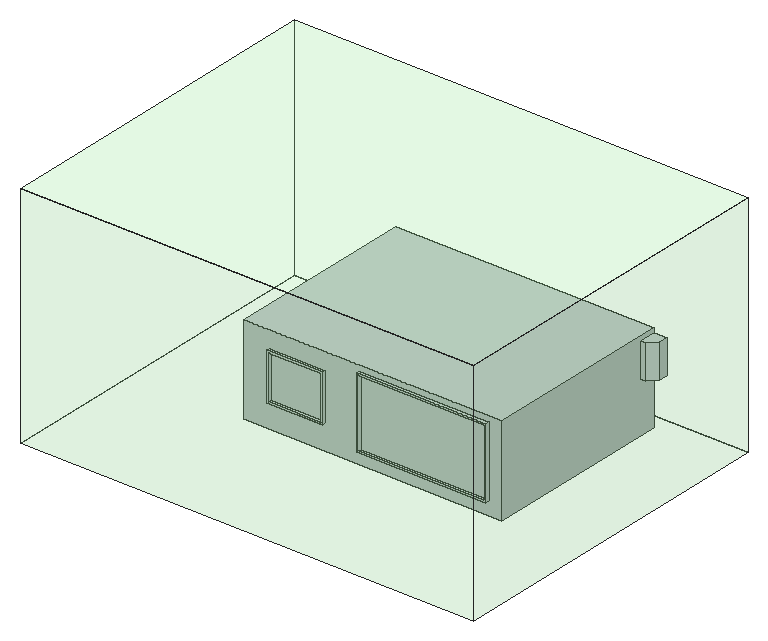
Revit family "BC_Hitachi_RASC-HNpE_LOD200", category Equipement de génie climatique, Revit 2016
Family settings
  Type d'élément = Normal
  Cote de connecteur circulaire = Utiliser le diamètre
  Numéro OmniClass = 23.75.00.00
  Titre OmniClass = Climate Control (HVAC)
  Basée sur le plan de construction = Non
  Toujours verticalement = Oui
  Couper avec des vides une fois chargée = Non
  Partagée = Non
  Point de calcul de pièce = Non
Parameters (values of type "RASC-10HNPE")
  Static Pressure Nominal = 102.0 Pa
  Static Pressure Maximum = 120.0 Pa
  Space between inlet outlet = 245 mm
  Product Code = "7E343111"
  Overall Width = 1850 mm
  Overall Height = 640 mm
  Overall Depth = 1360 mm
  Output Width = 398 mm
  Output Height = 337 mm
  Number of Poles = "3"
  Nominal heating power input = 8.52 kW
  Nominal cooling power input = 9.02 kW
  Nominal Voltage = 400 V
  Nominal Current = 24.7 A
  Modèle = "Outdoor Unit - Centrifugal RASC-HNPE"
  Minimum AC Voltage = 360 V
  Maximum Input Power = 15.43 kW
  Maximum AC Voltage = 440 V
  Mass = 303.00 kg
  Liquid Diameter = 12.7 mm
  Input Width = 925 mm
  Input Height = 509 mm
  Heating Capacity = 26 kW
  Gas Diameter = 25.4 mm
  Frequency = 50 Hz
  Energy Efficiency Ratio (EER) = 2.66
  ESEER = "6.13"
  Distance from left outlet = 188 mm
  Sound pressure level heating (dB(A)) = "57"
  Sound pressure level Night mode cooling (dB(A)) = "52"
  Sound pressure level cooling (dB(A)) = "56"
  Sound power dB(A) = "75"
  Service space [instance] = yes
  Running current heating = 13.7 A
  Running current cooling = 14.5 A
  Refrigerant charge = 6.20 kg
  Refrigerant = "R410A"
  Recommended circuit breaker = 30 A
  Minimum Connected Capacity (%) = "75"
  Maximum Connected Capacity (%) = "120"
  Maximum Air Flow = 115000.0 L/min
  Height liquid pipe = 391 mm
  Height Gas pipe = 504 mm
  Fabricant = "HITACHI"
  Description = "Centrifugal VRF Series RASC-HNPE"
  Cooling Capacity = 24 kW
  Commentaires du type = "RASC-10HNPE"
  Coefficient Of Performance (COP) = 3.05
Types (5, lengths in mm): name | Static Pressure Nominal | Static Pressure Maximum | Space between inlet outlet | Product Code | Overall Width | Overall Height | Overall Depth | Output Width | Output Height | Nominal heating power input | Nominal cooling power input | Nominal Current | Maximum Input Power | Mass | Liquid Diameter | Input Width | Input Height | Heating Capacity | Gas Diameter | Energy Efficiency Ratio (EER) | ESEER | Distance from left outlet | Sound pressure level heating (dB(A)) | Sound pressure level Night mode cooling (dB(A)) | Sound pressure level cooling (dB(A)) | Sound power dB(A) | Running current heating | Running current cooling | Refrigerant charge | Recommended circuit breaker | Maximum Air Flow | Height liquid pipe | Height Gas pipe | Cooling Capacity | Commentaires du type | Coefficient Of Performance (COP)
  RASC-4HNPE | 56.0 Pa | 90.0 Pa | 222 | "7E343107" | 1415 | 575 | 1015 | 334 | 288 | 2.95 kW | 2.99 kW | 14.1 A | 8.76 kW | 192.00 kg | 9.52 | 642 | 444 | 11.2 kW | 15.88 | 3.35 | "6.65" | 123 | "53" | "48" | "52" | "70" | 4.7 A | 4.8 A | 4.10 kg | 20 A | 55000.0 L/min | 319 | 439 | 10 kW | "RASC-4HNPE" | 3.8
  RASC-5HNPE | 72.0 Pa | 100.0 Pa | 222 | "7E343108" | 1415 | 575 | 1015 | 334 | 288 | 4.12 kW | 3.98 kW | 14.1 A | 8.76 kW | 192.00 kg | 9.52 | 642 | 444 | 14 kW | 15.88 | 3.14 | "6.41" | 123 | "53" | "48" | "52" | "71" | 6.6 A | 6.4 A | 4.20 kg | 20 A | 60000.0 L/min | 319 | 439 | 12.5 kW | "RASC-5HNPE" | 3.4
  RASC-6HNPE | 100.0 Pa | 100.0 Pa | 222 | "7E343109" | 1415 | 575 | 1015 | 334 | 288 | 5.74 kW | 5.09 kW | 16 A | 10.01 kW | 192.00 kg | 9.52 | 642 | 444 | 15.5 kW | 15.88 | 2.75 | "6.19" | 123 | "54" | "49" | "53" | "72" | 9.2 A | 8.2 A | 4.20 kg | 20 A | 60000.0 L/min | 319 | 439 | 14 kW | "RASC-6HNPE" | 2.7
  RASC-8HNPE | 84.0 Pa | 120.0 Pa | 245 | "7E343110" | 1850 | 640 | 1360 | 398 | 337 | 7 kW | 7.41 kW | 24.7 A | 15.43 kW | 300.00 kg | 9.52 | 925 | 509 | 22.4 kW | 25.4 | 2.7 | "6.15" | 188 | "56" | "51" | "55" | "74" | 11.2 A | 11.9 A | 5.70 kg | 30 A | 115000.0 L/min | 391 | 504 | 20 kW | "RASC-8HNPE" | 3.2
  RASC-10HNPE | 102.0 Pa | 120.0 Pa | 245 | "7E343111" | 1850 | 640 | 1360 | 398 | 337 | 8.52 kW | 9.02 kW | 24.7 A | 15.43 kW | 303.00 kg | 12.7 | 925 | 509 | 26 kW | 25.4 | 2.66 | "6.13" | 188 | "57" | "52" | "56" | "75" | 13.7 A | 14.5 A | 6.20 kg | 30 A | 115000.0 L/min | 391 | 504 | 24 kW | "RASC-10HNPE" | 3.05
Reference planes
  plane 1 "Centre (avant/arrière)": y = 0
  plane 2: z = 0
  plane 3 "Centre (gauche/droite)": x = 0
  plane 4 "Ar": y = 680
  plane 5 "Av": y = -680
  plane 6 "Haut": z = 640
  plane 7 "D": x = 925
  plane 8 "G": x = -925
  plane 9: y = 780
  plane 10: x = -1725
  plane 11: x = 1525
  plane 12: y = -1680
  plane 13 "Service space hight": z = 1640
  plane 14 "Sorti d'air": z = 519
  plane 15: z = 182
  plane 16: x = -737
  plane 17: x = -339
  plane 18: x = -538
  plane 19: z = 350.5
  plane 20: x = -94
  plane 21: z = 600
  plane 22: z = 91
  plane 23: x = 831
Forms (mm)
  Extrusion 1, solid, material "Service space walls in 4 directions", visible <- "Service space"
    sketch origin (0, 0, 0) x (1, 0, 0) y (0, 1, 0)
      loop
        line (-1725, 780) -> (-1725, -1680) -> (1525, -1680) -> (1525, 780) -> (-1725, 780)
    from 0 to 1640
  Extrusion 2, solid
    sketch origin (0, 0, 0) x (1, 0, 0) y (0, 1, 0)
      loop
        line (-925, 680) -> (-925, -680) -> (925, -680) -> (925, 680) -> (-925, 680)
    from 0 to 640
  Extrusion 3, solid
    sketch origin (0, 680, 0) x (-1, 0, 0) y (0, 0, 1)
      loop
        circle (-955, 504) r 12.7
      loop
        circle (-955, 391) r 6.35
    from 0 to -15
  Extrusion 4, solid
    sketch origin (0, 0, 640) x (-1, 0, 0) y (0, -1, 0)
      loop
        line (-925, -680) -> (-925, -560) -> (-965, -560) -> (-1020, -615) -> (-1020, -680) -> (-925, -680)
    from -30 to -275
  Extrusion 5, solid
    sketch origin (0, -680, 0) x (1, 0, 0) y (0, 0, 1)
      loop
        line (-737, 519) -> (-737, 182) -> (-339, 182) -> (-339, 519) -> (-737, 519)
      loop
        line (-727, 509) -> (-727, 192) -> (-349, 192) -> (-349, 509) -> (-727, 509)
    from 0 to 25
  Extrusion 6, solid
    sketch origin (0, -680, 0) x (1, 0, 0) y (0, 0, 1)
      loop
        line (-94, 600) -> (-94, 91) -> (831, 91) -> (831, 600) -> (-94, 600)
      loop
        line (-84, 101) -> (821, 101) -> (821, 590) -> (-84, 590) -> (-84, 101)
    from 0 to 25
  Extrusion 7, solid
    sketch origin (0, 680, 0) x (-1, 0, 0) y (0, 0, 1)
      loop
        circle (265.388, 14.46) r 12.5
      loop
        circle (292.888, 14.46) r 12.5
    from 0 to -10
Lines and regions (mm)
  model lines, style "InvisibleLines"
    curve 1: line (925, -62.748, 640) -> (925, 57.252, 640)
Dimensions and locks
  equal spacing: plane 4 "Ar", plane 1 "Centre (avant/arrière)", plane 5 "Av"
  "Overall Depth": plane 4 "Ar" to plane 5 "Av"
  "Overall Height": plane 2 to plane 6 "Haut"
  "Overall Width": plane 8 "G" to plane 7 "D"
  locked: plane 9 to plane 4 "Ar" at 100
  locked: plane 10 to plane 8 "G" at 800
  locked: plane 12 to plane 5 "Av" at 1000
  locked: plane 7 "D" to plane 11 at 600
  locked: plane 13 "Service space hight" to plane 6 "Haut" at 1000
  equal spacing: plane 8 "G", plane 3 "Centre (gauche/droite)", plane 7 "D"
  "Height liquid pipe": plane 2 to Extrusion 3 sketch curve
  "Height Gas pipe": plane 2 to Extrusion 3 sketch curve
  locked: plane 7 "D" to Extrusion 3 sketch curve at 30  (x2)
  "Output Width": plane 17 to plane 16
  equal spacing: plane 17, plane 18, plane 16
  equal spacing: plane 14 "Sorti d'air", plane 19, plane 15
  "Output Height": plane 14 "Sorti d'air" to plane 15
  locked: plane 15 to plane 2 at 182
  "Distance from left outlet": plane 16 to plane 8 "G"
  "Input Height": plane 21 to plane 22
  locked: plane 6 "Haut" to plane 21 at 40
  "Input Width": plane 23 to plane 20
  "Space between inlet outlet": plane 20 to plane 17
  "Gas Diameter": diameter of Extrusion 3 sketch curve
  "Liquid Diameter": diameter of Extrusion 3 sketch curve
  diameter of Extrusion 7 sketch curve = 25 mm  (x2)
  aligned and locked: level to plane 2
  aligned and locked: Extrusion 1 sketch curve to plane 9
  aligned and locked: plane 10 to Extrusion 1 sketch curve
  aligned and locked: Extrusion 1 sketch curve to plane 12
  aligned and locked: plane 11 to Extrusion 1 sketch curve
  aligned and locked: plane 13 "Service space hight" to Extrusion 1
  aligned and locked: Extrusion 2 sketch curve to plane 4 "Ar"
  aligned and locked: plane 8 "G" to Extrusion 2 sketch curve
  aligned and locked: Extrusion 2 sketch curve to plane 5 "Av"
  aligned and locked: plane 7 "D" to Extrusion 2 sketch curve
  aligned and locked: plane 6 "Haut" to Extrusion 2
  aligned and locked: Extrusion 2 to plane 2
  aligned and locked: Extrusion 5 sketch curve to plane 14 "Sorti d'air"
  aligned and locked: plane 16 to Extrusion 5 sketch curve
  aligned and locked: plane 15 to Extrusion 5 sketch curve
  aligned and locked: Extrusion 5 sketch curve to plane 17
  aligned and locked: Extrusion 6 sketch curve to plane 21
  aligned and locked: plane 20 to Extrusion 6 sketch curve
  aligned and locked: plane 22 to Extrusion 6 sketch curve
  aligned and locked: Extrusion 6 sketch curve to plane 23
Automatic sketch dimensions
  curve 1 to plane 7 "D" = 0 mm
  curve 1 to plane 1 "Centre (avant/arrière)" = 57.252 mm
  plane 1 "Centre (avant/arrière)" to curve 1 = 62.748 mm
  Extrusion 4 sketch curve to plane 4 "Ar" = 0 mm
  Extrusion 4 sketch curve to plane 7 "D" = 0 mm
  Extrusion 4 sketch curve to plane 7 "D" = 40 mm
  Extrusion 4 sketch curve to plane 7 "D" = 95 mm
  Extrusion 4 sketch curve to plane 4 "Ar" = 120 mm
  Extrusion 4 sketch curve to plane 4 "Ar" = 65 mm
  plane 15 to Extrusion 5 sketch curve = 10 mm
  Extrusion 5 sketch curve to plane 14 "Sorti d'air" = 10 mm
  Extrusion 5 sketch curve to plane 17 = 10 mm
  plane 16 to Extrusion 5 sketch curve = 10 mm
  plane 20 to Extrusion 6 sketch curve = 10 mm
  Extrusion 6 sketch curve to plane 21 = 10 mm
  plane 22 to Extrusion 6 sketch curve = 10 mm
  Extrusion 6 sketch curve to plane 23 = 10 mm
  level to Extrusion 7 sketch curve = 14.46 mm  (x2)
  plane 17 to Extrusion 7 sketch curve = 73.612 mm
  Extrusion 7 sketch curve to Extrusion 7 sketch curve = 27.5 mm
Connectors
  hvac at (-538, -680, 350.5), driven by "Output Height", driven by "Output Width"
    settings: on Extrusion 5, index 1, duct flow 0.0 L/min, flow factor 0, pres drop 0.0 Pa, loss coef 0, conn angle 0.00°, conn width 398 mm, conn height 337 mm, conn diameter 609.6 mm, duct sys type 1, conn prof type 1, flow config 0, flow direction 2, loss method 0, conn ref index -1, conn util no, is conn primary yes, conn desc ""
  hvac at (368.5, -680, 345.5), driven by "Input Height", driven by "Input Width"
    settings: on Extrusion 6, index 2, duct flow 0.0 L/min, flow factor 0, pres drop 0.0 Pa, loss coef 0, conn angle 0.00°, conn width 925 mm, conn height 509 mm, conn diameter 609.6 mm, duct sys type 2, conn prof type 1, flow config 0, flow direction 1, loss method 0, conn ref index -1, conn util no, is conn primary no, conn desc ""
  piping at (955, 680, 504), diameter 25.4, driven by "Gas Diameter"
    settings: on Extrusion 3, index 3, connector inside diameter 609.6 mm, connector length 0 mm, flow factor 0, pipe flow 0.0 L/s, pressure drop 0.0 Pa, fitting loss kfactor 0, connector angle 0.00°, fixture units 0, engagement length 0 mm, angle of deflection 0.00°, flow configuration 0, flow direction 0, fitting loss method 0, system type 29, joint type 0, gender type 0, connector reference index -1, connector utility 0, adjustable connector no, is connector primary yes, connector description ""
  piping at (955, 680, 391), diameter 12.7, driven by "Liquid Diameter"
    settings: on Extrusion 3, index 4, connector inside diameter 609.6 mm, connector length 0 mm, flow factor 0, pipe flow 0.0 L/s, pressure drop 0.0 Pa, fitting loss kfactor 0, connector angle 0.00°, fixture units 0, engagement length 0 mm, angle of deflection 0.00°, flow configuration 0, flow direction 1, fitting loss method 0, system type 7, joint type 0, gender type 0, connector reference index -1, connector utility 0, adjustable connector no, is connector primary no, connector description ""
  electrical at (-265.388, 680, 14.46), driven by "Nominal Voltage"
    settings: on Extrusion 7, index 5, voltage 400 V, apparent load 0 VA, apparent load phase1 0 VA, apparent load phase2 0 VA, apparent load phase3 0 VA, power factor 1, load classification "Autre", number of poles 1, system type 30, power factor state 1, is connector primary yes, connector utility no, sub classification motor no, connector description ""
  electrical at (-292.888, 680, 14.46), driven by "Nominal Voltage"
    settings: on Extrusion 7, index 6, voltage 400 V, apparent load 0 VA, apparent load phase1 0 VA, apparent load phase2 0 VA, apparent load phase3 0 VA, power factor 1, load classification "Autre", number of poles 1, system type 30, power factor state 1, is connector primary no, connector utility no, sub classification motor no, connector description ""
